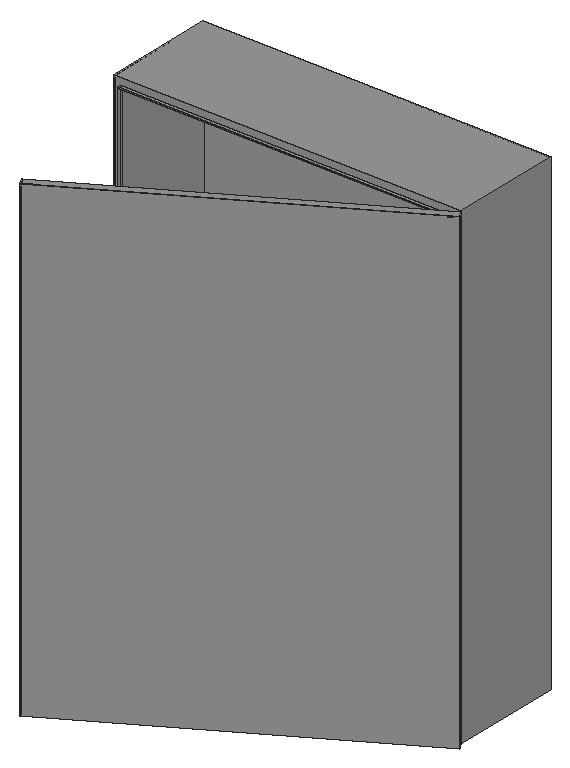
Revit family "Hager-Univers-IP55-D275-H1100-Cl.I-Steel_encl-NoHosted-NL-en", category Equipement électrique, Revit 2020
Family settings
  Configuration du panneau = Deux colonnes, circuits au sein
  Cote de connecteur circulaire = Utiliser le diamètre
  Type d'élément = Tableau de raccordement
  Basée sur le plan de construction = Oui
  Toujours verticalement = Oui
  Couper avec des vides une fois chargée = Non
  Partagée = Non
  Point de calcul de pièce = Non
Parameters (values of type "Surface mounted (plaster) IP55 W800 H1100 D275  - FR73E")
  Width Control [instance] = if([EF000008 - Width] > Min Width, [EF000008 - Width], Min Width)  # 800 mm
  Commentaires du type = [HG000003 - Range]  # "Univers"
  Thickness Door [instance] = if([EF009171 - Material plate thickness door/cover] > 3 mm, 3 mm, [EF009171 - Material plate thickness door/cover])  # 1.5 mm
  Seal Frame Offset [instance] = 17 mm  # constant formula
  Plinth Visibility [instance] = [HG000027 - Plinth height] > 0 mm  # no
  Min Width [instance] = 100 mm  # constant formula
  Min Depth [instance] = (2 * [EF009170 - Material plate thickness cabinet]) + 1 mm  # 4 mm
  Min Height [instance] = 100 mm  # constant formula
  Internal Frame Depth [instance] = (Door System Depth * 0.5)  # 9 mm
  Panel Name [instance] = ""  # (empty or 0)
  Model = ""
  HG000027 - Plinth height = 0 mm
  HG000026 - Floor standing = no
  HG000024 - Bottom section height = 600 mm
  HG000023 - Double section enclosure = no
  HG000016 - Door 3d visibility [instance] = yes
  HG000015 - Clearance visibility [instance] = no
  HG000014 - Door on the right [instance] = yes
  HG000013 - Door on the left [instance] = not([HG000014 - Door on the right])  # no
  HG000012 - Door swing angle [instance] = 30.00°
  HG000010 - Asymmetric doors = no
  HG000009 - Double swing door = no
  HG000006 - Flush mounted = no
  HG000004 - Manufacturer reference = "FR73E"
  HG000003 - Range = "Univers"
  HG000002 - With door or cover = yes
  Frame Offset Bottom [instance] = 10 mm  # constant formula
  Frame Offset [instance] = 15 mm  # constant formula
  EF015940 - Cover with overpressure release = no
  EF011959 - Degree of protection (NEMA) = ""
  EF009554 - Number of openings for flange plates = 6
  EF009212 - Cover model = "EV000116 - Closed"
  EF009171 - Material plate thickness door/cover = 1.5 mm
  EF009170 - Material plate thickness cabinet = 1.5 mm
  EF008873 - Nominal current (In) = 800 A
  EF007800 - Suitable for lightning protection = no
  EF006306 - With lock = no
  EF006244 - Transparent cover/door = no
  EF005474 - Degree of protection (IP) = "EV006420 - IP55"
  EF004464 - Type of door = "EV002646 - Single"
  EF004427 - Number of modules = 252
  EF004293 - Impact strength = "EV008784 - IK10"
  EF003532 - Suitable for outdoor use = no
  EF002950 - Width in number of modular spacings = 24
  EF001613 - Circuit integrity = "EV000494 - None"
  EF001596 - Material housing = "EV000179 - Steel"
  EF001131 - Internal depth = 275 mm
  EF001088 - Extension possible = yes
  EF000437 - Number of conduit inlets = 6
  EF000339 - Type of cover = "EV004216 - Door"
  EF000266 - Number of rows = 7
  EF000218 - Built-in depth = 0 mm
  EF000118 - With mounting plate = no
  EF000116 - RAL-number = "7035"
  EF000049 - Depth = 275 mm
  EF000040 - Height = 1100 mm
  EF000008 - Width = 800 mm
  EF000007 - Colour = "EV000270 - Grey"
  EF000003 - Mounting method = "EV000384 - Surface mounted (plaster)"
  Door System Leaf Tolerance [instance] = 1.5 mm  # constant formula
  Door System Depth [instance] = 18 mm  # constant formula
  Door Height [instance] = Height Control - [HG000027 - Plinth height]  # 1100 mm
  Description = ""
  Default Elevation = 1219.2 mm
  Connector Offset [instance] = Height Control / 2  # 550 mm
  Fabricant = "Hager"  # constant formula
  Height Control [instance] = if([EF000040 - Height] > Min Height, [EF000040 - Height], Min Height)  # 1100 mm
  Depth Control [instance] = if([EF000049 - Depth] > Min Depth, [EF000049 - Depth], Min Depth)  # 275 mm
  Bottom Top Plate Trim [instance] = 1.5 mm  # constant formula
  Plinth height Ctrl [instance] = if([HG000027 - Plinth height] > 0 mm, [HG000027 - Plinth height], 12 mm)  # 12 mm
Types (5, lengths in mm): name | Width Control | HG000010 - Asymmetric doors | HG000009 - Double swing door | HG000004 - Manufacturer reference | EF009554 - Number of openings for flange plates | EF004464 - Type of door | EF004427 - Number of modules | EF000437 - Number of conduit inlets | EF000008 - Width
  Surface mounted (plaster) IP55 W1050 H1100 D275  - FR74E | 1050 | no | yes | "FR74E" | 8 | "EV003602 - Double" | 336 | 8 | 1050
  Surface mounted (plaster) IP55 W1300 H1100 D275  - FR75E | 1300 | yes | yes | "FR75E" | 10 | "EV003602 - Double" | 420 | 10 | 1300
  Surface mounted (plaster) IP55 W300 H1100 D275  - FR71E | 300 | no | no | "FR71E" | 2 | "EV002646 - Single" | 84 | 2 | 300
  Surface mounted (plaster) IP55 W550 H1100 D275  - FR72E | 550 | no | no | "FR72E" | 4 | "EV002646 - Single" | 168 | 4 | 550
  Surface mounted (plaster) IP55 W800 H1100 D275  - FR73E | 800 | no | no | "FR73E" | 6 | "EV002646 - Single" | 252 | 6 | 800
Reference planes
  plane 1 "Center (Front/Back)": y = 0
  plane 2: z = 0
  plane 3 "Center (Left/Right)": x = 0
  plane 4: y = 0
  plane 5: y = 0
  plane 6: z = 0
  plane 7: x = -400
  plane 8: x = 400
  plane 9: x = 398.5
  plane 10: x = -398.5
  plane 11: z = 0
  plane 12: z = 1.5
  plane 13: y = -275
  plane 14: y = -1.5
  plane 15: x = 0
  plane 16: y = -257
  plane 17: y = -273.5
  plane 18: y = -255.5
  plane 19: x = -383.5
  plane 20: x = 383.5
  plane 21: z = 11.5
  plane 22: x = -383
  plane 23: x = 383
  plane 24: z = 0
  plane 25: z = 1100
  plane 26: z = 1100
  plane 27: z = 1083.5
  plane 28: z = 1098.5
Forms (mm)
  Extrusion 1, solid, material "Hager_Steel_RAL7035_Light_Grey", detail levels medium+fine
    sketch origin (-208.679, -4572, 0) x (-1, 0, 0) y (0, -1, 0)
      loop
        line (191.321, -4315) -> (-608.679, -4315) -> (-608.679, -4572) -> (191.321, -4572) -> (191.321, -4315)
    from 0 to 1100
  Extrusion 2, void
    sketch origin (-350.771, -275, 1219.2) x (1, 0, 0) y (0, 0, 1)
      loop
        line (-47.729, -120.7) -> (-47.729, -1217.7) -> (749.271, -1217.7) -> (749.271, -120.7) -> (-47.729, -120.7)
    from -19.5 to -273.5
  Extrusion 3, void
    sketch origin (-290.084, -257, 1219.2) x (1, 0, 0) y (0, 0, 1)
      loop
        line (-93.416, -1207.7) -> (673.584, -1207.7) -> (673.584, -135.7) -> (-93.416, -135.7) -> (-93.416, -1207.7)
    from 0 to -1.5
  Extrusion 4, solid, material "Hager_Steel_RAL7035_Light_Grey", visible <- "Plinth Visibility", detail levels medium+fine
    sketch origin (0, 0, 0) x (1, 0, 0) y (0, 1, 0)
      loop
        line (-400, 0) -> (-400, -257) -> (400, -257) -> (400, 0) -> (-400, 0)
    from 0 to 12 <- "Plinth height Ctrl"
  Extrusion 5, solid, material "Hager_Steel_RAL7035_Light_Grey", detail levels coarse
    sketch origin (0, 0, 0) x (1, 0, 0) y (0, 1, 0)
      loop
        line (-400, 0) -> (-400, -275) -> (400, -275) -> (400, 0) -> (-400, 0)
    from 0 to 1100 <- "Height Control"
  Sweep 6, void
    path in 3D
      loop
        line (-400, -257, 12) -> (400, -257, 12) -> (400, 0, 12) -> (-400, 0, 12) -> (-400, -257, 12)
    profile origin (-400, -128.5, 12) x (1, 0, 0) y (0, 0, 1)
      loop
        line (0, 0) -> (0, -1.5) -> (1.5, -1.5)
        arc (1.5, -1.5) -> (1.061, -0.439) -> (0, 0) r 1.5
  Extrusion 7, solid, material "Hager_Steel_RAL7035_Light_Grey", detail levels fine
    sketch origin (-400, -257, 0) x (1, 0, 0) y (0, 0, 1)
      loop
        line (16.5, 11.5) -> (783.5, 11.5) -> (783.5, 1083.5) -> (16.5, 1083.5) -> (16.5, 11.5)
      loop
        line (15, 10) -> (785, 10) -> (785, 1085) -> (15, 1085) -> (15, 10)
    from 0 to 9 <- "Internal Frame Depth"
Cuts and joins
  Extrusion 2, Extrusion 3 cuts Extrusion 1
  Sweep 6 cuts Extrusion 4
Lines and regions (mm)
  Masking region 1
    outline origin (0, 0, 0) x (1, 0, 0) y (0, 1, 0)
      loop
        line (-400, 0) -> (-400, -275) -> (400, -275) -> (400, 0) -> (-400, 0)
  Masking region 2, detail levels coarse
    outline origin (-290.084, -257, 1219.2) x (-1, 0, 0) y (0, 0, 1)
      loop
        line (-690.084, -1219.2) -> (109.916, -1219.2) -> (109.916, -119.2) -> (-690.084, -119.2) -> (-690.084, -1219.2)
  Masking region 3, detail levels coarse
    outline origin (0, 0, 0) x (0, 1, 0) y (0, 0, 1)
      loop
        line (0, 0) -> (0, 1100) -> (-275, 1100) -> (-275, 0) -> (0, 0)
  Masking region 4, visible <- "Plinth Visibility", detail levels medium+fine
    outline origin (0, 0, 0) x (0, 1, 0) y (0, 0, 1)
      loop
        line (-1.5, 12) -> (-255.5, 12)
        arc (-255.5, 12) -> (-255.939, 10.939) -> (-257, 10.5) r 1.5
        line (-257, 10.5) -> (-257, 0) -> (0, 0) -> (0, 10.5)
        arc (0, 10.5) -> (-1.061, 10.939) -> (-1.5, 12) r 1.5
  Masking region 5, detail levels medium+fine
    outline origin (0, 0, 594.038) x (0, 1, 0) y (0, 0, 1)
      loop
        line (0, -594.038) -> (0, 505.962) -> (-257, 505.962) -> (-257, -594.038) -> (0, -594.038)
  Masking region 6, detail levels medium+fine
    outline origin (-359.7, -257, 1211.883) x (-1, 0, 0) y (0, 0, 1)
      loop
        line (-759.7, -1211.883) -> (40.3, -1211.883) -> (40.3, -111.883) -> (-759.7, -111.883) -> (-759.7, -1211.883)
  Masking region 7, visible <- "Plinth Visibility", detail levels medium+fine
    outline origin (-320.334, -257, 1041.368) x (-1, 0, 0) y (0, 0, 1)
      loop
        line (-720.334, -1041.368) -> (79.666, -1041.368) -> (79.666, -1030.868)
        arc (79.666, -1030.868) -> (78.606, -1030.429) -> (78.166, -1029.368) r 1.5
        line (78.166, -1029.368) -> (-718.834, -1029.368)
        arc (-718.834, -1029.368) -> (-719.273, -1030.429) -> (-720.334, -1030.868) r 1.5
        line (-720.334, -1030.868) -> (-720.334, -1041.368)
  sketch lines
    curve 1: line (-400, 0, 12) -> (-400, -257, 12)
    curve 2: line (-400, -257, 12) -> (400, -257, 12)
    curve 3: line (400, 0, 12) -> (-400, 0, 12)
    curve 4: line (400, -257, 12) -> (400, 0, 12)
Dimensions and locks
  locked: plane 1 "Center (Front/Back)" to plane 5
  "EF009170 - Material plate thickness cabinet": plane 7 to plane 10
  "EF009170 - Material plate thickness cabinet": plane 8 to plane 9
  equal spacing: plane 7, plane 3 "Center (Left/Right)", plane 8
  "Width Control": plane 7 to plane 8
  "Depth Control": plane 4 to plane 13
  "EF009170 - Material plate thickness cabinet": plane 4 to plane 14
  "Height Control": plane 25 to level
  "HG000027 - Plinth height": plane 11 to level
  "EF009170 - Material plate thickness cabinet": plane 12 to plane 11
  "EF009170 - Material plate thickness cabinet": plane 17 to plane 13
  "EF009170 - Material plate thickness cabinet": plane 18 to plane 16
  "Frame Offset Bottom": plane 21 to plane 12
  "Frame Offset": plane 10 to plane 19
  "Frame Offset": plane 9 to plane 20
  "Door System Depth": plane 16 to plane 13
  "Seal Frame Offset": plane 7 to plane 22
  "Seal Frame Offset": plane 8 to plane 23
  "EF009170 - Material plate thickness cabinet": plane 26 to plane 28
  "Frame Offset": plane 28 to plane 27
  "Connector Offset": plane 2 to connector elem
  "Bottom Top Plate Trim": profile plane to Sweep 6 sketch curve
  "Bottom Top Plate Trim": Sweep 6 sketch curve to Sweep 6 sketch curve
  "Plinth height Ctrl": Masking region 4 sketch curve to level
  "Plinth height Ctrl": Masking region 7 sketch curve to level
  "Thickness Door": Extrusion 7 sketch curve to Extrusion 7 sketch curve  (x4)
  "Bottom Top Plate Trim": radius of Sweep 6 sketch curve
  "Bottom Top Plate Trim": radius of Masking region 4 sketch curve  (x2)
  "Bottom Top Plate Trim": radius of Masking region 7 sketch curve  (x2)
  aligned and locked: Extrusion 2 sketch curve to plane 12
  aligned and locked: Extrusion 2 sketch curve to plane 9
  aligned and locked: Extrusion 2 sketch curve to plane 10
  aligned and locked: Extrusion 2 to plane 14
  aligned and locked: Extrusion 1 sketch curve to plane 4
  aligned and locked: plane 8 to Extrusion 1 sketch curve
  aligned and locked: plane 7 to Extrusion 1 sketch curve
  aligned and locked: Extrusion 2 to plane 18
  aligned and locked: Extrusion 3 sketch curve to plane 19
  aligned and locked: plane 20 to Extrusion 3 sketch curve
  aligned and locked: Extrusion 3 to Extrusion 2
  aligned and locked: Extrusion 3 sketch curve to plane 21
  aligned and locked: plane 3 "Center (Left/Right)" to nested 1
  aligned and locked: Extrusion 1 sketch curve to plane 16
  aligned and locked: Extrusion 4 sketch curve to cut or joined group of Extrusion 1, Extrusion 2, Extrusion 3
  aligned and locked: Masking region 1 sketch curve to plane 7
  aligned and locked: Masking region 1 sketch curve to plane 5
  aligned and locked: Masking region 1 sketch curve to plane 8
  aligned and locked: Masking region 2 sketch curve to level
  aligned and locked: level to Masking region 3 sketch curve
  aligned and locked: plane 1 "Center (Front/Back)" to Masking region 3 sketch curve
  aligned and locked: plane 13 to Masking region 3 sketch curve
  aligned and locked: plane 5 to Masking region 4 sketch curve
  aligned and locked: Masking region 2 sketch curve to plane 8
  aligned and locked: Masking region 2 sketch curve to plane 7
  aligned and locked: plane 7 to nested 2
  aligned and locked: nested 2 to plane 5
  aligned and locked: plane 5 to Masking region 5 sketch curve
  aligned and locked: plane 26 to Masking region 5 sketch curve
  aligned and locked: Extrusion 5 sketch curve to plane 8
  aligned and locked: Extrusion 5 sketch curve to plane 7
  aligned and locked: Extrusion 5 sketch curve to plane 5
  aligned and locked: Extrusion 3 sketch curve to plane 27
  aligned and locked: Extrusion 2 sketch curve to plane 28
  aligned and locked: Masking region 2 to plane 25
  aligned and locked: Extrusion 4 to plane 16
  aligned and locked: profile plane to Sweep 6 sketch curve
  aligned and locked: Masking region 5 sketch curve to plane 24
  aligned and locked: level to Masking region 4 sketch curve
  aligned and locked: Masking region 1 to plane 13
  aligned and locked: nested 1 to plane 16
  aligned and locked: Masking region 3 to plane 25
  aligned and locked: plane 16 to Masking region 4 sketch curve
  aligned and locked: Masking region 5 sketch curve to plane 16
  aligned and locked: plane 24 to plane 11
  aligned and locked: plane 26 to plane 25
  aligned and locked: plane 26 to cut or joined group of Extrusion 1, Extrusion 2, Extrusion 3
  aligned and locked: nested 1 to plane 24
  aligned and locked: Extrusion 1 to Extrusion 3
  aligned and locked: Masking region 6 sketch curve to plane 8
  aligned and locked: Masking region 6 sketch curve to plane 24
  aligned and locked: Masking region 6 sketch curve to plane 7
  aligned and locked: Masking region 6 sketch curve to plane 26
  aligned and locked: Masking region 7 sketch curve to plane 7
  aligned and locked: level to Masking region 7 sketch curve
  aligned and locked: Masking region 7 sketch curve to plane 8
  aligned and locked: Extrusion 7 sketch curve to cut or joined group of Extrusion 1, Extrusion 2, Extrusion 3  (x4)
Automatic sketch dimensions
  plane 19 to Extrusion 3 sketch curve = 0 mm
  Extrusion 3 sketch curve to plane 20 = 0 mm
  Extrusion 3 sketch curve to plane 21 = 0 mm
  Extrusion 4 sketch curve to plane 7 = 0 mm
  Extrusion 4 sketch curve to plane 8 = 0 mm
  Extrusion 4 sketch curve to plane 16 = 0 mm
  Masking region 1 sketch curve to plane 13 = 0 mm
  Masking region 2 sketch curve to plane 25 = 0 mm
  Masking region 3 sketch curve to plane 25 = 0 mm
  Extrusion 5 sketch curve to plane 13 = 0 mm
  profile plane to Sweep 6 sketch curve = 0 mm
Nested families
  nested 1: "EC000058_Univers_Door" at (0, -257, 0), Double <- "HG000009 - Double swing door", Transparent <- "EF006244 - Transparent cover/door", Angle <- "HG000012 - Door swing angle", Door_Right <- "HG000014 - Door on the right", Assymetrical <- "HG000010 - Asymmetric doors", Door <- "HG000002 - With door or cover", Width_Ctrl <- "Width Control", 3d_Door <- "HG000016 - Door 3d visibility", Clearance <- "HG000015 - Clearance visibility", Door_Left <- "HG000013 - Door on the left", Width <- "Width Control", Door_Depth <- "Door System Depth", Leaf_Tolerance <- "Door System Leaf Tolerance", Height <- "Door Height", Lock_Visibility <- "EF006306 - With lock", Thickness <- "Thickness Door", type "EC000058_Univers_Door", detail levels medium+fine
    with min_wh 4 mm, Width_Ctrl 800 mm, Width 800 mm, Transparent no, Thickness 1.5 mm, Seal_Material Hager_Rubber, Lock_Visibility no, Lock_Material Hager_Plastic_RAL9005_Jet_Black, Leaf_Width 800 mm, Leaf_Tolerance_External_Sides 0 mm, Leaf_Tolerance 1.5 mm, Leaf_Offset 0 mm, Leaf_Height 1097 mm, Leaf_2_Width 800 mm, Leaf_2_Offset 400 mm, Leaf_1_Width 800 mm, Leaf_1_Offset 400 mm, Height_Ctrl 1100 mm, Height 1100 mm, Glass_Material Hager_Glass, Double_Clearance_Ctrl no, Double no, Door_Right_Ctrl yes, Door_Right yes, Door_Material Hager_Steel_RAL7035_Light_Grey, Door_Left_Ctrl no, Door_Left no, Door_Depth 18 mm, Door yes, Clearance_Material Hager_Clearance, Clearance_Depth 800 mm, Clearance_Ctrl no, Clearance no, Assymetrical no, Angle 30.00°, 3d_Door yes
  nested 2: "Hager_Enclosure_Symbol" at (-400, 0, 0), Height <- "Depth Control", Width <- "Width Control", type "Hager_Enclosure_Symbol"
    with Width_Ctrl 800 mm, Width 800 mm, Height_Ctrl 275 mm, Height 275 mm, A_Width_Int 18.047 mm, A_Width 216.562 mm, A_Height_Ctrl 240.625 mm, A_Height 240.625 mm
Connectors
  electrical at (0, 0, 550)
    settings: on plane 1 "Center (Front/Back)", index 1, voltage 0 V, apparent load 0 VA, apparent load phase1 0 VA, apparent load phase2 0 VA, apparent load phase3 0 VA, power factor 1, load classification "Other", number of poles 1, system type 30, power factor state 1, is connector primary yes, connector utility no, sub classification motor no, connector description ""
Definition of nested family "EC000058_Univers_Door"
  Parameters (values of type "EC000058_Univers_Door")
    min_wh [instance] = (2 * Thickness) + 1 mm  # 11 mm
    Width_Ctrl [instance] = 400 mm
    Width [instance] = 500 mm
    Transparent [instance] = yes
    Thickness [instance] = 5 mm
    Seal_Material [instance] = none
    Lock_Visibility [instance] = yes
    Lock_Material [instance] = none
    Leaf_Width [instance] = if((Width_Ctrl - 2 * Leaf_Tolerance_External_Sides) > 0 mm, (Width_Ctrl - 2 * Leaf_Tolerance_External_Sides), min_wh)  # 400 mm
    Leaf_Tolerance_External_Sides [instance] = 0 mm  # constant formula
    Leaf_Tolerance [instance] = 1.5 mm
    Leaf_Offset [instance] = 0 mm  # constant formula
    Leaf_Height [instance] = if((Height_Ctrl - 2 * Leaf_Tolerance) > 0 mm, (Height_Ctrl - 2 * Leaf_Tolerance), min_wh)  # 497 mm
    Leaf_2_Width [instance] = if(and(and(Double, Assymetrical), Door_Left), (Leaf_Width / 3) - (Leaf_Tolerance / 2), if(and(and(Double, Assymetrical), Door_Right), (Leaf_Width / 3) * 2 - (Leaf_Tolerance / 2), if(and(Double, not(Assymetrical)), (Leaf_Width / 2) - Leaf_Tolerance, Leaf_Width)))  # 400 mm
    Leaf_2_Offset [instance] = if(and(Double, Assymetrical), Leaf_2_Width / 2, if(and(Double, not(Assymetrical)), Leaf_Width / 4, Leaf_Width / 2))  # 200 mm
    Leaf_1_Width [instance] = if(and(and(Double, Assymetrical), Door_Right), (Leaf_Width / 3) - (Leaf_Tolerance / 2), if(and(and(Double, Assymetrical), Door_Left), (Width / 3) * 2 - (Leaf_Tolerance / 2), if(and(Double, not(Assymetrical)), (Leaf_Width / 2) - Leaf_Tolerance, Leaf_Width)))  # 400 mm
    Leaf_1_Offset [instance] = if(and(Double, Assymetrical), Leaf_1_Width / 2, if(and(Double, not(Assymetrical)), Leaf_Width / 4, Leaf_Width / 2))  # 200 mm
    Height_Ctrl [instance] = if(Height > min_wh, Height, min_wh)  # 500 mm
    Height [instance] = 500 mm
    Glass_Material [instance] = none
    Double_Clearance_Ctrl [instance] = and(Double, Clearance)  # no
    Double [instance] = no
    Door_Right_Ctrl [instance] = and(or(Door_Right, Double), Door)  # yes
    Door_Right [instance] = yes
    Door_Material [instance] = none
    Door_Left_Ctrl [instance] = and(or(Door_Left, Double), Door)  # no
    Door_Left [instance] = no
    Door_Depth [instance] = 30 mm
    Door [instance] = yes
    Default Elevation = 1219.2 mm
    Clearance_Material [instance] = none
    Clearance_Depth [instance] = if(Leaf_1_Width > Leaf_2_Width, Leaf_1_Width, Leaf_2_Width)  # 400 mm
    Clearance_Ctrl [instance] = and(not(Double), Clearance)  # yes
    Clearance [instance] = yes
    Assymetrical [instance] = yes
    Angle [instance] = 30.00°
    3d_Door [instance] = yes
  Reference planes
    plane 1 "Center (Front/Back)": y = 0
    plane 2 "Bottom": z = 0
    plane 3 "Center (Left/Right)": x = 0
    plane 4: z = 500
    plane 5: x = -200
    plane 6: x = 200
    plane 7: z = 500
    plane 8: x = -200
    plane 9: z = 0
    plane 10: x = 200
    plane 11: y = 0
    plane 12: z = 1.5
    plane 13: x = -600
    plane 14: y = -400
    plane 15: x = 600
    plane 16: x = 0
    plane 17: x = 0
    plane 18: x = -200
    plane 19: x = 200
    plane 20: z = 498.5
  Forms (mm)
    Extrusion 1, solid, material <- "Clearance_Material", visible <- "Double_Clearance_Ctrl"
      sketch origin (1200, 0, 0) x (1, 0, 0) y (0, 0, -1)
        loop
          line (-1800, -498.5) -> (-600, -498.5) -> (-600, 0) -> (-1800, 0) -> (-1800, -498.5)
      from 0 to -400
  Dimensions and locks
    equal spacing: plane 5, plane 3 "Center (Left/Right)", plane 6
    "Width_Ctrl": plane 5 to plane 6
    "Leaf_Offset": plane 5 to plane 8
    "Leaf_Offset": plane 6 to plane 10
    "Leaf_Offset": plane 9 to level
    "Leaf_Offset": plane 4 to plane 7
    "Height_Ctrl": plane 4 to level
    "Leaf_Tolerance": plane 12 to plane 9
    locked: plane 11 to plane 1 "Center (Front/Back)"
    "Leaf_1_Offset": plane 18 to plane 16
    "Leaf_2_Offset": plane 17 to plane 19
    "Leaf_1_Width": plane 13 to plane 8
    "Leaf_2_Width": plane 10 to plane 15
    "Clearance_Depth": plane 14 to plane 1 "Center (Front/Back)"
    "Leaf_Tolerance_External_Sides": plane 8 to plane 18
    "Leaf_Tolerance_External_Sides": plane 19 to plane 10
    "Leaf_Tolerance": plane 7 to plane 20
    aligned and locked: level to plane 2 "Bottom"
    aligned and locked: nested 1 to plane 16
    aligned and locked: nested 2 to plane 17
    aligned and locked: Extrusion 1 to plane 13
    aligned and locked: plane 15 to Extrusion 1
    aligned and locked: Extrusion 1 to plane 14
    aligned and locked: plane 12 to nested 1
    aligned and locked: nested 2 to plane 12
    aligned and locked: Extrusion 1 to plane 11
    aligned and locked: plane 20 to Extrusion 1
    aligned and locked: nested 2 to plane 11
    aligned and locked: nested 1 to plane 11
  Automatic sketch dimensions
    Extrusion 1 sketch curve to level = 0 mm
    plane 5 to Extrusion 1 sketch curve = 400 mm
    plane 6 to Extrusion 1 sketch curve = 400 mm
    Extrusion 1 sketch curve to plane 4 = 1.5 mm
  Nested families
    nested 1: "EC000058_Univers_Door_Leaf" at (0, 0, 1.5), Width <- "Leaf_1_Width", visible <- "Door_Left_Ctrl", Leaf_Height <- "Leaf_Height", Angle <- "Angle", 3d_Door <- "3d_Door", Transparent <- "Transparent", Clearance Material <- "Clearance_Material", Clearance <- "Clearance_Ctrl", Door_Material <- "Door_Material", Glass_Material <- "Glass_Material", Door_Depth <- "Door_Depth", Lock_Material <- "Lock_Material", Seal_Material <- "Seal_Material", Lock_Visibility <- "Lock_Visibility", Thickness <- "Thickness", type "EC000058_Univers_Door_Leaf"
      with Width 400 mm, Transparent_Glass_Offset 30 mm, Transparent_Ctrl yes, Transparent yes, Thickness 5 mm, Standard no, Seal_Material none, Seal_D2 8 mm, Seal_D1 1 mm, Offset_Internal_Frame 10 mm, Lock_Width 20 mm, Lock_Visibility_3d yes, Lock_Visibility yes, Lock_Thickness_3 3 mm, Lock_Thickness_2 1 mm, Lock_Thickness_1 3 mm, Lock_Radius_Offset_2 16 mm, Lock_Radius_Offset_1 15 mm, Lock_Radius_2 5 mm, Lock_Radius 6 mm, Lock_Offset 5 mm, Lock_Material none, Lock_Height 80 mm, Lock_Cover_Top_Offset_2d 17 mm, Lock_Cover_Height -65 mm, Leaf_Height 497 mm, Internal_Seal_Thickness 8 mm, Internal_Seal_Depth_2 4.5 mm, Internal_Frame_Depth 25 mm, Glass_Thickness -1 mm, Glass_Offset -2 mm, Glass_Material none, Door_Material none, Door_Depth 30 mm, Clearance Material none, Clearance yes, Angle_Ctrl 30.00°, Angle 30.00°, 3d_Door yes
    nested 2: "EC000058_Univers_Door_Leaf" at (0, 0, 1.5) x (-1, 0, 0) z (0, 0, 1), Width <- "Leaf_2_Width", visible <- "Door_Right_Ctrl", Leaf_Height <- "Leaf_Height", Angle <- "Angle", 3d_Door <- "3d_Door", Transparent <- "Transparent", Clearance Material <- "Clearance_Material", Clearance <- "Clearance_Ctrl", Door_Material <- "Door_Material", Glass_Material <- "Glass_Material", Door_Depth <- "Door_Depth", Lock_Material <- "Lock_Material", Seal_Material <- "Seal_Material", Lock_Visibility <- "Lock_Visibility", Thickness <- "Thickness", type "EC000058_Univers_Door_Leaf"
      with Width 400 mm, Transparent_Glass_Offset 30 mm, Transparent_Ctrl yes, Transparent yes, Thickness 5 mm, Standard no, Seal_Material none, Seal_D2 8 mm, Seal_D1 1 mm, Offset_Internal_Frame 10 mm, Lock_Width 20 mm, Lock_Visibility_3d yes, Lock_Visibility yes, Lock_Thickness_3 3 mm, Lock_Thickness_2 1 mm, Lock_Thickness_1 3 mm, Lock_Radius_Offset_2 16 mm, Lock_Radius_Offset_1 15 mm, Lock_Radius_2 5 mm, Lock_Radius 6 mm, Lock_Offset 5 mm, Lock_Material none, Lock_Height 80 mm, Lock_Cover_Top_Offset_2d 17 mm, Lock_Cover_Height -65 mm, Leaf_Height 497 mm, Internal_Seal_Thickness 8 mm, Internal_Seal_Depth_2 4.5 mm, Internal_Frame_Depth 25 mm, Glass_Thickness -1 mm, Glass_Offset -2 mm, Glass_Material none, Door_Material none, Door_Depth 30 mm, Clearance Material none, Clearance yes, Angle_Ctrl 30.00°, Angle 30.00°, 3d_Door yes
  Definition of nested family "EC000058_Univers_Door_Leaf"
    Parameters (values of type "EC000058_Univers_Door_Leaf")
      Width [instance] = 2000 mm
      Transparent_Glass_Offset [instance] = 30 mm
      Transparent_Ctrl [instance] = and(Transparent, [3d_Door])  # yes
      Transparent [instance] = yes
      Thickness [instance] = 5 mm
      Standard [instance] = and(not(Transparent), [3d_Door])  # no
      Seal_Material [instance] = none
      Seal_D2 [instance] = 8 mm  # constant formula
      Seal_D1 [instance] = 1 mm  # constant formula
      Offset_Internal_Frame [instance] = 10 mm  # constant formula
      Lock_Width [instance] = 20 mm  # constant formula
      Lock_Visibility_3d [instance] = and(Lock_Visibility, [3d_Door])  # yes
      Lock_Visibility [instance] = yes
      Lock_Thickness_3 [instance] = 3 mm  # constant formula
      Lock_Thickness_2 [instance] = 1 mm  # constant formula
      Lock_Thickness_1 [instance] = 3 mm  # constant formula
      Lock_Radius_Offset_2 [instance] = Lock_Radius_Offset_1 + 1 mm  # 16 mm
      Lock_Radius_Offset_1 [instance] = 15 mm  # constant formula
      Lock_Radius_2 [instance] = Lock_Radius - 1 mm  # 5 mm
      Lock_Radius [instance] = 6 mm  # constant formula
      Lock_Offset [instance] = 5 mm  # constant formula
      Lock_Material [instance] = none
      Lock_Height [instance] = 80 mm  # constant formula
      Lock_Cover_Top_Offset_2d [instance] = Lock_Radius_Offset_2 + 1 mm  # 17 mm
      Lock_Cover_Height [instance] = -(Lock_Height - Lock_Radius_Offset_1)  # -65 mm
      Leaf_Height [instance] = 2720.336 mm
      Internal_Seal_Thickness [instance] = 8 mm  # constant formula
      Internal_Seal_Depth_2 [instance] = 4.5 mm  # constant formula
      Internal_Frame_Depth [instance] = if(Door_Depth - Thickness > 5 mm, Door_Depth - Thickness, 5 mm)  # 25 mm
      Glass_Thickness [instance] = if(Thickness > 15 mm, Glass_Offset + 10 mm, -1 mm)  # -1 mm
      Glass_Offset [instance] = if(Thickness > 15 mm, -(Thickness + 10 mm) / 2, -2 mm)  # -2 mm
      Glass_Material [instance] = none
      Door_Material [instance] = none
      Door_Depth [instance] = 30 mm
      Default Elevation = 0 mm
      Clearance Material [instance] = none
      Clearance [instance] = yes
      Angle_Ctrl [instance] = if(Angle > 180.00°, 180.00°, Angle)  # 90.00°
      Angle [instance] = 90.00°
      3d_Door [instance] = yes
    Reference planes
      plane 1 "Center (Front/Back)": y = 0
      plane 2: z = 0
      plane 3 "Center (Left/Right)": x = 0
      plane 4: y = 2000
      plane 5: x = -1000
      plane 6: x = 1000
      plane 7: x = -3000
      plane 8: z = 2720.336
      plane 9: z = 30
      plane 10: z = 2690.336
      plane 11: x = 970
      plane 12: x = -970
      plane 13: y = -3
      plane 14: z = 107.833
      plane 15: y = -5
      plane 16: y = -223.314
      plane 17: x = -1000
      plane 18: z = 1360.168
      plane 19: y = 30
    Forms (mm)
      Extrusion 1, solid, material <- "Clearance Material", visible <- "Clearance"
        sketch origin (0, 0, 0) x (1, 0, 0) y (0, 0, 1)
          loop
            line (-3000, 2720.336) -> (-3000, 0) -> (1000, 0) -> (1000, 2720.336) -> (-3000, 2720.336)
        from 0 to -2000
      Extrusion 2, solid, material <- "Door_Material", visible <- "Standard", detail levels medium+fine
        sketch origin (-1000, 0, 0) x (0, 1, 0) y (-1, 0, 0)
          loop
            line (0, 30) -> (0, 25) -> (2000, 25) -> (2000, 30) -> (0, 30)
        from 0 to 2720.336 <- "Leaf_Height"
      Extrusion 3, solid, material <- "Door_Material", visible <- "Transparent_Ctrl", detail levels medium+fine
        sketch origin (-1000, 0, 0) x (0, 1, 0) y (-1, 0, 0)
          loop
            line (0, 25) -> (2000, 25) -> (2000, 30) -> (0, 30) -> (0, 25)
        from 0 to 2720.336 <- "Leaf_Height"
      Extrusion 4, void
        sketch origin (-1025, 2000, 0) x (0, 1, 0) y (0, 0, -1)
          loop
            line (-30, -2690.336) -> (-30, -30) -> (-1970, -30) -> (-1970, -2690.336) -> (-30, -2690.336)
        from 0 to 5 <- "Thickness"
      Sweep 5, solid, material <- "Seal_Material", visible <- "Transparent_Ctrl", detail levels fine
        path in 3D
          loop
            line (-1025, 30, 30) -> (-1025, 30, 2690.336) -> (-1025, 1970, 2690.336) -> (-1025, 1970, 30) -> (-1025, 30, 30)
        profile origin (-1025, 1000, 30) x (1, 0, 0) y (0, 0, 1)
          loop
            line (0, 0) -> (0, -8) -> (1, -8) -> (1, 0) -> (0, 0)
      Extrusion 6, solid, material <- "Glass_Material", visible <- "Transparent_Ctrl", detail levels medium+fine
        sketch origin (-1030, 0, 0) x (0, 1, 0) y (0, 0, -1)
          loop
            line (1970, -2690.336) -> (1970, -30) -> (30, -30) -> (30, -2690.336) -> (1970, -2690.336)
        from -2 <- "Glass_Offset" to -1 <- "Glass_Thickness"
      Extrusion 7, solid, material <- "Door_Material", visible <- "3d_Door", detail levels medium+fine
        sketch origin (-1025, 2000, 0) x (0, -1, 0) y (0, 0, -1)
          loop
            line (0, -2720.336) -> (2000, -2720.336) -> (2000, 0) -> (0, 0) -> (0, -2720.336)
          loop
            line (1995, -5) -> (5, -5) -> (5, -2715.336) -> (1995, -2715.336) -> (1995, -5)
        from 0 to 25 <- "Internal_Frame_Depth"
      Sweep 8, solid, material <- "Seal_Material", visible <- "Transparent_Ctrl", detail levels fine
        path in 3D
          loop
            line (-1025, 0, 0) -> (-1025, 2000, 0) -> (-1025, 2000, 2720.336) -> (-1025, 0, 2720.336) -> (-1025, 0, 0)
        profile origin (-1025, 0, 1360.168) x (1, 0, 0) y (0, 1, 0)
          loop
            line (0, 10) -> (2.975, 10)
            arc (2.975, 10) -> (4.053, 10.447) -> (4.5, 11.525) r 1.525
            line (4.5, 11.525) -> (4.5, 16.527)
            arc (4.5, 16.527) -> (4.069, 17.569) -> (3.027, 18) r 1.473
            line (3.027, 18) -> (0, 18) -> (0, 10)
      Extrusion 9, solid, material <- "Lock_Material", visible <- "Lock_Visibility_3d", detail levels fine
        sketch origin (-1030, 0, 0) x (0, 1, 0) y (0, 0, -1)
          loop
            arc (1993.5, -1400.168) -> (1994.561, -1399.729) -> (1995, -1398.668) r 1.5
            line (1995, -1398.668) -> (1995, -1320.168) -> (1975, -1320.168) -> (1975, -1398.668)
            arc (1975, -1398.668) -> (1975.439, -1399.729) -> (1976.5, -1400.168) r 1.5
            line (1976.5, -1400.168) -> (1993.5, -1400.168)
        from 3 <- "Lock_Thickness_1" to 0
      Blend 10, solid, material <- "Lock_Material", visible <- "Lock_Visibility_3d", detail levels fine
        base sketch origin (-1033, 0, 0) x (0, 1, 0) y (0, 0, -1)
          loop
            line (1975, -1320.168) -> (1975, -1398.668)
            arc (1975, -1398.668) -> (1975.439, -1399.729) -> (1976.5, -1400.168) r 1.5
            line (1976.5, -1400.168) -> (1993.5, -1400.168)
            arc (1993.5, -1400.168) -> (1994.561, -1399.729) -> (1995, -1398.668) r 1.5
            line (1995, -1398.668) -> (1995, -1320.168) -> (1975, -1320.168)
        top sketch origin (-1033, 0, 0) x (0, 1, 0) y (0, 0, -1)
          loop
            line (1976, -1320.168) -> (1976, -1398.668)
            arc (1976, -1398.668) -> (1976.146, -1399.022) -> (1976.5, -1399.168) r 0.5
            line (1976.5, -1399.168) -> (1993.5, -1399.168)
            arc (1993.5, -1399.168) -> (1993.854, -1399.022) -> (1994, -1398.668) r 0.5
            line (1994, -1398.668) -> (1994, -1320.168) -> (1976, -1320.168)
        from 0 to 1 <- "Lock_Thickness_2"
      Blend 11, solid, material <- "Lock_Material", visible <- "Lock_Visibility_3d", detail levels fine
        base sketch origin (-1034, 0, 0) x (0, 1, 0) y (0, 0, -1)
          loop
            line (1978, -1320.168) -> (1978, -1384.168)
            arc (1978, -1384.168) -> (1985, -1391.168) -> (1992, -1384.168) r 7
            line (1992, -1384.168) -> (1992, -1320.168) -> (1978, -1320.168)
        top sketch origin (-1034, 0, 0) x (0, 1, 0) y (0, 0, -1)
          loop
            line (1991, -1320.168) -> (1979, -1320.168) -> (1979, -1383.168)
            arc (1979, -1383.168) -> (1985, -1389.168) -> (1991, -1383.168) r 6
            line (1991, -1383.168) -> (1991, -1320.168)
        from 0 to 3 <- "Lock_Thickness_3"
      Extrusion 12, solid, material <- "Lock_Material", visible <- "Lock_Visibility_3d", detail levels fine
        sketch origin (-1030, 1975, 1320.168) x (1, 0, 0) y (0, -1, 0)
          loop
            line (-7, -19) -> (-7, -1) -> (0, -1) -> (0, 0) -> (-8, 0) -> (-8, -20) -> (0, -20) -> (0, -19) -> (-7, -19)
        from 0 to -65 <- "Lock_Cover_Height"
      Extrusion 13, void
        sketch origin (-1038, 1995, 1320.168) x (-1, 0, 0) y (0, 0, -1)
          loop
            line (-5, -65) -> (0, -65) -> (-5, -60) -> (-5, -65)
        from 0 to 20 <- "Lock_Width"
      Extrusion 14, void
        sketch origin (-1038, 1975, 1320.168) x (0, -1, 0) y (0, 0, -1)
          loop
            circle (-10, -15.995) r 6
          loop
            circle (-10, -15.995) r 5
        from 0 to 2
      Extrusion 15, solid, material <- "Lock_Material", visible <- "Lock_Visibility_3d", detail levels medium
        sketch origin (-1030, 0, 0) x (0, 1, 0) y (0, 0, -1)
          loop
            arc (1993.5, -1400.168) -> (1994.561, -1399.729) -> (1995, -1398.668) r 1.5
            line (1995, -1398.668) -> (1995, -1320.168) -> (1975, -1320.168) -> (1975, -1398.668)
            arc (1975, -1398.668) -> (1975.439, -1399.729) -> (1976.5, -1400.168) r 1.5
            line (1976.5, -1400.168) -> (1993.5, -1400.168)
        from 8 to 0
    Cuts and joins
      Extrusion 4 cuts Extrusion 3
      Extrusion 13, Extrusion 14 cuts Extrusion 9
      Extrusion 14 cuts Blend 11
      Extrusion 13, Extrusion 14 cuts Extrusion 12
      joined: Extrusion 9, Blend 10, Blend 11, Extrusion 12
      Extrusion 14 cuts Extrusion 15
    Lines and regions (mm)
      Masking region 1, visible <- "Lock_Visibility", detail levels fine
        outline origin (0, 0, 0) x (0, 1, 0) y (0, 0, 1)
          loop
            line (30, 1320.168) -> (33, 1320.168) -> (33, 1400.168) -> (30, 1400.168) -> (30, 1320.168)
      Masking region 2, visible <- "Lock_Visibility", detail levels fine
        outline origin (0, 3.143, 0) x (0, 1, 0) y (0, 0, 1)
          loop
            line (29.857, 1354.168) -> (30.857, 1354.168) -> (30.857, 1366.168) -> (29.857, 1366.168) -> (29.857, 1354.168)
      Masking region 3, detail levels medium+fine
        outline origin (0, 0, 0) x (0, 1, 0) y (0, 0, 1)
          loop
            line (0, 0) -> (30, 0) -> (30, 2720.336) -> (0, 2720.336) -> (0, 0)
      Masking region 4, detail levels medium+fine
        outline origin (0, 0, 0) x (1, 0, 0) y (0, 0, 1)
          loop
            line (-1000, 2720.336) -> (-1000, 0) -> (1000, 0) -> (1000, 2720.336) -> (-1000, 2720.336)
      Masking region 5, visible <- "Lock_Visibility", detail levels fine
        outline origin (-47.116, 0, 0) x (1, 0, 0) y (0, 0, 1)
          loop
            arc (1024.616, 1399.168) -> (1023.556, 1398.729) -> (1023.116, 1397.668) r 1.5
            line (1023.116, 1397.668) -> (1023.116, 1320.168) -> (1041.116, 1320.168) -> (1041.116, 1397.668)
            arc (1041.116, 1397.668) -> (1040.677, 1398.729) -> (1039.616, 1399.168) r 1.5
            line (1039.616, 1399.168) -> (1024.616, 1399.168)
      Masking region 6, visible <- "Lock_Visibility", detail levels medium+fine
        outline origin (-25, 0, 0) x (1, 0, 0) y (0, 0, 1)
          loop
            arc (1001.5, 1400.168) -> (1000.439, 1399.729) -> (1000, 1398.668) r 1.5
            line (1000, 1398.668) -> (1000, 1320.168) -> (1020, 1320.168) -> (1020, 1398.668)
            arc (1020, 1398.668) -> (1019.561, 1399.729) -> (1018.5, 1400.168) r 1.5
            line (1018.5, 1400.168) -> (1001.5, 1400.168)
      Masking region 7, visible <- "Lock_Visibility", detail levels fine
        outline origin (-73.735, 0, 0) x (1, 0, 0) y (0, 0, 1)
          loop
            line (1051.735, 1382.168) -> (1065.735, 1382.168) -> (1065.735, 1384.168)
            arc (1065.735, 1384.168) -> (1058.735, 1391.168) -> (1051.735, 1384.168) r 7
            line (1051.735, 1384.168) -> (1051.735, 1382.168)
      Masking region 8, visible <- "Lock_Visibility", detail levels fine
        outline origin (-73.735, 0, 0) x (1, 0, 0) y (0, 0, 1)
          loop
            line (1052.735, 1382.168) -> (1064.735, 1382.168) -> (1064.735, 1383.168)
            arc (1064.735, 1383.168) -> (1058.735, 1389.168) -> (1052.735, 1383.168) r 6
            line (1052.735, 1383.168) -> (1052.735, 1382.168)
      Masking region 9, visible <- "Lock_Visibility", detail levels fine
        outline origin (-25, 0, 0) x (1, 0, 0) y (0, 0, 1)
          loop
            line (1020, 1320.168) -> (1020, 1382.168) -> (1000, 1382.168) -> (1000, 1320.168) -> (1020, 1320.168)
      Masking region 10, detail levels medium+fine
        outline origin (0, 0, 0) x (1, 0, 0) y (0, 0, 1)
          loop
            circle (985, 1335.144) r 6
      Masking region 11, detail levels fine
        outline origin (0, 0, 0) x (1, 0, 0) y (0, 0, 1)
          loop
            circle (985, 1335.144) r 5
      Masking region 12, visible <- "Lock_Visibility", detail levels fine
        outline origin (0, 12.767, 0) x (0, 1, 0) y (0, 0, 1)
          loop
            line (20.233, 1320.168) -> (21.233, 1320.168) -> (21.233, 1399.168) -> (20.233, 1400.168) -> (20.233, 1320.168)
      Masking region 13, visible <- "Lock_Visibility", detail levels fine
        outline origin (0, 13.767, -10) x (0, 1, 0) y (0, 0, 1)
          loop
            line (20.233, 1330.168) -> (23.233, 1330.168) -> (23.233, 1399.168) -> (20.233, 1402.168) -> (20.233, 1330.168)
      Masking region 14, visible <- "Lock_Visibility", detail levels fine
        outline origin (0, 12.767, -10) x (0, 1, 0) y (0, 0, 1)
          loop
            line (20.233, 1330.168) -> (25.233, 1330.168) -> (25.233, 1399.305) -> (20.233, 1394.305) -> (20.233, 1330.168)
      Masking region 15, visible <- "Lock_Visibility", detail levels medium
        outline origin (0, 0, 0) x (0, 1, 0) y (0, 0, 1)
          loop
            line (30, 1320.168) -> (38, 1320.168) -> (38, 1400.168) -> (30, 1400.168) -> (30, 1320.168)
      Masking region 16, visible <- "Lock_Visibility", detail levels fine
        outline origin (-1000, 0, 0) x (0, 1, 0) y (-1, 0, 0)
          loop
            line (1975, 30) -> (1995, 30) -> (1995, 38) -> (1975, 38) -> (1975, 30)
          loop
            line (1979, 37) -> (1976, 37) -> (1976, 34) -> (1978, 34) -> (1979, 37)
          loop
            line (1994, 37) -> (1991, 37) -> (1992, 34) -> (1994, 34) -> (1994, 37)
      Masking region 17, visible <- "Lock_Visibility", detail levels medium
        outline origin (-1000, 0, 0) x (0, 1, 0) y (-1, 0, 0)
          loop
            line (1975, 30) -> (1995, 30) -> (1995, 38) -> (1975, 38) -> (1975, 30)
      symbolic lines
        curve 1: line (1000, 0, 0) -> (-3000, 0, 0)
        curve 2: arc (1000, 0, 0) -> (-1000, 2000, 0) -> (-3000, 0, 0) r 2000
        curve 4: line (-1030, 0, 0) -> (-1030, 2000, 0)
      reference lines
        curve 3: line (-1000, 0, 0) -> (-1000, 2000, 0)
      symbolic lines, detail levels medium+fine
        curve 5: line (-1030, 2000, 0) -> (-1025, 2000, 0)
        curve 7: line (-1025, 0, 0) -> (-1030, 0, 0)
        curve 8: line (-1025, 0, 0) -> (-1000, 0, 0)
        curve 9: line (-1000, 0, 0) -> (-1000, 2000, 0)
        curve 10: line (-1000, 2000, 0) -> (-1025, 2000, 0)
      symbolic lines, detail levels fine
        curve 6: line (-1025, 2000, 0) -> (-1025, 0, 0)
      sketch lines
        curve 11: line (-1025, 0, 2720.336) -> (-1025, 0, 0)
        curve 12: line (-1025, 2000, 0) -> (-1025, 0, 0)
        curve 13: line (-1025, 2000, 2720.336) -> (-1025, 2000, 0)
        curve 14: line (-1025, 0, 2720.336) -> (-1025, 2000, 2720.336)
        curve 15: line (-1025, 1970, 30) -> (-1025, 30, 30)
        curve 16: line (-1025, 30, 30) -> (-1025, 30, 2690.336)
        curve 17: line (-1025, 1970, 2690.336) -> (-1025, 1970, 30)
        curve 18: line (-1025, 30, 2690.336) -> (-1025, 1970, 2690.336)
      symbolic lines, visible <- "Transparent", detail levels medium+fine
        curve 19: line (-970, 0, 2690.336) -> (970, 0, 2690.336)
        curve 20: line (-970, 0, 30) -> (-970, 0, 2690.336)
        curve 21: line (970, 0, 30) -> (-970, 0, 30)
        curve 22: line (970, 0, 2690.336) -> (970, 0, 30)
    Dimensions and locks
      "Width": plane 1 "Center (Front/Back)" to plane 4
      equal spacing: plane 5, plane 3 "Center (Left/Right)", plane 6
      "Width": plane 5 to plane 6
      "Width": plane 7 to plane 5
      "Leaf_Height": plane 8 to level
      "Width": curve 5 to curve 3
      "Width": curve 3 to curve 3
      plane 8 to plane 10 = 30 mm
      plane 9 to level = 30 mm
      plane 12 to plane 5 = 30 mm
      plane 6 to plane 11 = 30 mm
      Extrusion 1 to Extrusion 4 sketch curve = 30 mm
      "Transparent_Glass_Offset": curve 3 to Extrusion 4 sketch curve
      "Transparent_Glass_Offset": Extrusion 4 sketch curve to cut or joined group of Extrusion 3, Extrusion 4  (x2)
      cut or joined group of Extrusion 3, Extrusion 4 to Extrusion 6 sketch curve = 30 mm
      "Transparent_Glass_Offset": cut or joined group of Extrusion 3, Extrusion 4 to Extrusion 4 sketch curve
      "Thickness": curve 6 to curve 4
      "Thickness": Extrusion 7 sketch curve to Extrusion 7 sketch curve  (x4)
      "Door_Depth": curve 4 to curve 3
      "Offset_Internal_Frame": profile plane to Sweep 8 sketch curve
      "Internal_Seal_Thickness": Sweep 8 sketch curve to Sweep 8 sketch curve
      "Internal_Seal_Depth_2": profile plane to Sweep 8 sketch curve
      "Seal_D1": profile plane to Sweep 5 sketch curve
      "Seal_D2": profile plane to Sweep 5 sketch curve
      "Thickness": Extrusion 2 sketch curve to Extrusion 2 sketch curve
      equal spacing: Extrusion 9 sketch curve, plane 18, Extrusion 9 sketch curve  (x2)
      equal spacing: Masking region 1 sketch curve, plane 18, Masking region 1 sketch curve
      "Lock_Height": Masking region 1 sketch curve to Masking region 1 sketch curve
      "Lock_Radius": Masking region 2 sketch curve to plane 18 to Masking region 2 sketch curve
      Masking region 2 sketch curve to Masking region 1 = 1 mm
      "Door_Depth": plane 19 to plane 1 "Center (Front/Back)"
      "Lock_Thickness_1": Masking region 1 sketch curve to plane 19
      "Lock_Width": Extrusion 9 sketch curve to Extrusion 9 sketch curve
      "Lock_Height": Extrusion 9 sketch curve to Extrusion 9 sketch curve
      "Lock_Offset": cut or joined group of Extrusion 3, Extrusion 4 to Extrusion 9 sketch curve
      equal spacing: plane 8, plane 18, level
      "Lock_Radius_Offset_1": Blend 11 sketch curve to Blend 10
      locked: Blend 10 to Blend 11 sketch curve at 2  (x2)
      locked: var sketch to Blend 11 sketch curve at 1  (x2)
      "Lock_Radius_Offset_2": Blend 11 sketch curve to Blend 10
      locked: Extrusion 12 sketch curve to Extrusion 12 sketch curve at 1  (x3)
      Masking region 6 sketch curve to Masking region 6 sketch curve = 80 mm
      "Lock_Height": Masking region 6 sketch curve to Masking region 6 sketch curve
      "Lock_Width": Masking region 6 sketch curve to Masking region 6 sketch curve
      locked: Masking region 6 to Masking region 5 sketch curve at 1  (x3)
      locked: Masking region 5 to Masking region 7 sketch curve at 2  (x2)
      "Lock_Radius_Offset_1": Masking region 5 to Masking region 7 sketch curve
      "Lock_Radius_Offset_2": Masking region 5 to Masking region 8 sketch curve
      locked: Masking region 7 to Masking region 8 sketch curve at 1  (x2)
      "Lock_Cover_Top_Offset_2d": Masking region 5 to Masking region 9 sketch curve
      equal spacing: Masking region 9, Masking region 10 sketch curve, Masking region 9
      equal spacing: Masking region 9, Masking region 11 sketch curve, Masking region 9
      Extrusion 15 sketch curve to Extrusion 15 sketch curve = 80 mm
      "Lock_Width": Extrusion 15 sketch curve to Extrusion 15 sketch curve
      "Lock_Height": Extrusion 15 sketch curve to Extrusion 15 sketch curve
      equal spacing: Extrusion 15 sketch curve, plane 18, Extrusion 15 sketch curve
      "Lock_Thickness_3": Masking region 13 sketch curve to Masking region 13 sketch curve
      "Lock_Height": Masking region 12 sketch curve to Masking region 12 sketch curve
      locked: Masking region 13 sketch curve to Masking region 1 at 8
      locked: Masking region 14 sketch curve to Masking region 13 at 1
      locked: Masking region 14 sketch curve to Masking region 1 at 10.863
      "Lock_Height": Masking region 15 sketch curve to Masking region 15 sketch curve
      "Lock_Offset": Extrusion 15 sketch curve to cut or joined group of Extrusion 3, Extrusion 4
      "Lock_Offset": plane 6 to Masking region 6 sketch curve
      radius of Sweep 8 sketch curve = 1.525 mm
      radius of Sweep 8 sketch curve = 1.473 mm
      radius of Extrusion 9 sketch curve = 1.5 mm  (x2)
      "Lock_Radius": radius of Extrusion 14 sketch curve
      "Lock_Radius_2": radius of Extrusion 14 sketch curve
      "Lock_Radius": radius of Masking region 10 sketch curve
      "Lock_Radius_2": radius of Masking region 11 sketch curve
      radius of Extrusion 15 sketch curve = 1.5 mm  (x2)
      "Angle_Ctrl": angle plane 1 "Center (Front/Back)" to curve 3
      locked: Masking region 12 sketch curve to Masking region 12 sketch curve (angle 45.00°)
      locked: Masking region 13 sketch curve to Masking region 13 sketch curve (angle 45.00°)
      locked: Masking region 14 sketch curve to Masking region 14 sketch curve (angle 45.00°)
      aligned and locked: level to plane 2
      aligned and locked: Extrusion 1 to curve 1
      aligned and locked: plane 6 to Extrusion 1
      aligned and locked: Extrusion 1 to plane 1 "Center (Front/Back)"
      aligned and locked: plane 4 to Extrusion 1
      aligned and locked: plane 8 to Extrusion 1
      aligned and locked: curve 7 to Extrusion 2 sketch curve
      aligned and locked: curve 5 to Extrusion 2 sketch curve
      aligned and locked: curve 7 to Extrusion 3 sketch curve
      aligned and locked: Extrusion 3 sketch curve to curve 4
      aligned and locked: Extrusion 3 sketch curve to curve 6
      aligned and locked: Extrusion 3 sketch curve to curve 5
      aligned and locked: curve 9 to curve 3
      aligned and locked: Extrusion 7 sketch curve to cut or joined group of Extrusion 3, Extrusion 4  (x4)
      aligned and locked: plane 17 to curve 3
      aligned and locked: plane 1 "Center (Front/Back)" to curve 3
      aligned and locked: plane 17 to plane 5
      aligned and locked: Sweep 8 sketch curve to profile plane
      aligned and locked: Sweep 5 sketch curve to profile plane  (x2)
      aligned and locked: Masking region 1 to Masking region 2 sketch curve
      aligned and locked: plane 19 to Masking region 1 sketch curve
      aligned and locked: plane 1 "Center (Front/Back)" to Masking region 3 sketch curve
      aligned and locked: plane 19 to Masking region 3 sketch curve
      aligned and locked: level to Masking region 3 sketch curve
      aligned and locked: Masking region 3 sketch curve to plane 8
      aligned and locked: plane 17 to Masking region 4 sketch curve
      aligned and locked: level to Masking region 4 sketch curve
      aligned and locked: Masking region 4 sketch curve to plane 8
      aligned and locked: plane 12 to curve 20
      aligned and locked: plane 10 to curve 19
      aligned and locked: plane 11 to curve 22
      aligned and locked: curve 21 to plane 9
      aligned and locked: Extrusion 2 sketch curve to cut or joined group of Extrusion 3, Extrusion 4
      aligned and locked: Blend 10 sketch curve to Extrusion 9  (x4)
      aligned and locked: Extrusion 9 to Blend 10 sketch curve
      aligned and locked: Blend 10 to Blend 11 sketch curve
      aligned and locked: Extrusion 12 sketch curve to Blend 11
      aligned and locked: Extrusion 12 sketch curve to Extrusion 9  (x4)
      aligned and locked: Masking region 5 sketch curve to Masking region 6
      aligned and locked: Masking region 9 sketch curve to Masking region 6  (x3)
      aligned and locked: Masking region 12 sketch curve to Masking region 1
      aligned and locked: Masking region 13 sketch curve to Masking region 1
      aligned and locked: Masking region 12 to Masking region 14
      aligned and locked: Masking region 14 sketch curve to Masking region 1
      aligned and locked: Masking region 15 sketch curve to Masking region 14
      aligned and locked: Masking region 13 sketch curve to Masking region 12
      aligned and locked: Masking region 16 sketch curve to cut or joined group of Extrusion 14, Extrusion 15  (x4)
      aligned and locked: Masking region 16 sketch curve to cut or joined group of Extrusion 9, Blend 10, Blend 11, Extrusion 12, Extrusion 13, Extrusion 14  (x6)
      aligned and locked: cut or joined group of Extrusion 9, Blend 10, Blend 11, Extrusion 12, Extrusion 13, Extrusion 14 to Masking region 16 sketch curve
      aligned and locked: Masking region 17 sketch curve to cut or joined group of Extrusion 14, Extrusion 15  (x3)
      aligned and locked: Masking region 17 sketch curve to cut or joined group of Extrusion 9, Blend 10, Blend 11, Extrusion 12, Extrusion 13, Extrusion 14
      aligned and locked: Masking region 9 to Masking region 8 sketch curve
      aligned and locked: Masking region 9 to Masking region 7 sketch curve
    Automatic sketch dimensions
      plane 1 "Center (Front/Back)" to curve 2 = 0 mm
      curve 2 to plane 5 = 0 mm
      Extrusion 1 sketch curve to level = 0 mm
      Extrusion 1 sketch curve to plane 7 = 0 mm
      Extrusion 1 sketch curve to plane 6 = 0 mm
      Extrusion 1 sketch curve to plane 8 = 0 mm
      Extrusion 3 to Extrusion 6 sketch curve = 30 mm  (x4)
      Masking region 4 sketch curve to plane 6 = 0 mm
      Blend 10 sketch curve to Extrusion 9 = 1.5 mm
      Blend 10 sketch curve to Extrusion 9 = 1 mm
      Extrusion 13 sketch curve to Extrusion 12 = 0 mm  (x2)
      Extrusion 12 to Extrusion 13 sketch curve = 3 mm
      Extrusion 13 sketch curve to Extrusion 12 = 5 mm
      Extrusion 14 sketch curve to Extrusion 14 sketch curve = 0 mm  (x2)
      Extrusion 14 sketch curve to Extrusion 12 = 10 mm
      Extrusion 14 sketch curve to Extrusion 12 = 15.995 mm
      Masking region 5 sketch curve to Masking region 5 sketch curve = 1.5 mm  (x2)
      Masking region 10 sketch curve to plane 18 = 25.024 mm
      Masking region 11 sketch curve to plane 18 = 25.024 mm
      plane 19 to Masking region 14 sketch curve = 3 mm
      Masking region 16 sketch curve to Masking region 16 sketch curve = 3 mm
      curve 4 to curve 3 = 0 mm
      Blend 10 to Blend 11 sketch curve = 0 mm
      Masking region 6 sketch curve to Masking region 6 sketch curve = 1.5 mm  (x2)
      Masking region 6 sketch curve to plane 18 = 40 mm
      plane 19 to Masking region 12 sketch curve = 3 mm
      Masking region 12 sketch curve to Masking region 12 sketch curve = 1 mm
      Masking region 15 sketch curve to plane 19 = 0 mm
      Masking region 15 sketch curve to plane 18 = 40 mm
      radius of Blend 10 sketch curve to Extrusion 9 = 1 mm
Definition of nested family "Hager_Enclosure_Symbol"
  Parameters (values of type "Hager_Enclosure_Symbol")
    Width_Ctrl [instance] = if(Width > 1 mm, Width, 1 mm)  # 102.27 mm
    Width [instance] = 102.27 mm
    Height_Ctrl [instance] = if(Height > 1 mm, Height, 1 mm)  # 66.5 mm
    A_Width_Int [instance] = if(A_Width / 12 > 2 mm, A_Width / 12, 2 mm)  # 4.364 mm
    A_Width [instance] = if(A_Height_Ctrl * 0.9 > 2 mm, A_Height_Ctrl * 0.9, 2 mm)  # 52.369 mm
    A_Height_Ctrl [instance] = if(A_Height > 2 mm, A_Height, 2 mm)  # 58.188 mm
    Height [instance] = 66.5 mm
    A_Height [instance] = Height - (Height / 8)  # 58.188 mm
  Reference planes
    plane 1 "Centre (avant/arrière)": y = 0
    plane 2: z = 0
    plane 3 "Centre (gauche/droite)": x = 0
    plane 4: x = 52.369
    plane 5: y = 33.042
    plane 6: y = 41.77
    plane 7: y = 66.5
    plane 8: x = 26.184
    plane 9: y = 37.406
    plane 10: x = 102.27
    plane 11: y = 66.5
    plane 12: y = 8.313
  Lines and regions (mm)
    Filled region 1, type "Solid_Black", in view "Niveau de réf."
      outline origin (0, 0, 0) x (1, 0, 0) y (0, 1, 0)
        loop
          line (52.369, 66.5) -> (33.188, 54.536) -> (45.365, 45.006) -> (52.369, 66.5)
    Filled region 2, type "Solid_Black", in view "Niveau de réf."
      outline origin (0, 0, 0) x (1, 0, 0) y (0, 1, 0)
        loop
          line (0, 0) -> (102.27, 0) -> (102.27, 66.5) -> (0, 0)
    detail lines, in view "Niveau de réf."
      curve 1: line (0, 8.313, 0) -> (26.184, 41.77, 0)
      curve 2: line (26.184, 41.77, 0) -> (26.184, 33.042, 0)
      curve 3: line (26.184, 33.042, 0) -> (52.369, 66.5, 0)
  Dimensions and locks
    "A_Width": plane 3 "Centre (gauche/droite)" to plane 4
    equal spacing: plane 3 "Centre (gauche/droite)", plane 8, plane 4
    equal spacing: plane 6, plane 9, plane 5
    equal spacing: curve 3, Filled region 1 sketch curve, Filled region 1 sketch curve
    "Height_Ctrl": plane 1 "Centre (avant/arrière)" to plane 11
    "A_Height_Ctrl": plane 11 to plane 12
    equal spacing: plane 11, plane 9, plane 12
    "A_Width_Int": plane 6 to plane 9
    "Width_Ctrl": plane 3 "Centre (gauche/droite)" to plane 10
    angle Filled region 1 sketch curve to curve 3 = 20.00°
    angle curve 3 to Filled region 1 sketch curve = 20.00°
    locked: curve 3 to Filled region 1 sketch curve (angle 90.00°)
    aligned and locked: plane 10 to Filled region 2
    aligned and locked: plane 11 to Filled region 2 sketch curve
    aligned and locked: plane 10 to Filled region 2 sketch curve
    aligned and locked: plane 3 "Centre (gauche/droite)" to curve 1
    aligned and locked: plane 12 to curve 1
    aligned and locked: plane 7 to plane 11
  Automatic sketch dimensions
    Filled region 1 sketch curve to plane 4 = 0 mm
    Filled region 1 sketch curve to plane 7 = 0 mm
    plane 1 "Centre (avant/arrière)" to Filled region 2 sketch curve = 0 mm
    Filled region 2 sketch curve to plane 3 "Centre (gauche/droite)" = 0 mm
    curve 2 to plane 6 = 0 mm
    curve 2 to plane 8 = 0 mm
    curve 3 to plane 4 = 0 mm
    curve 2 to plane 5 = 0 mm
    curve 3 to plane 7 = 0 mm
